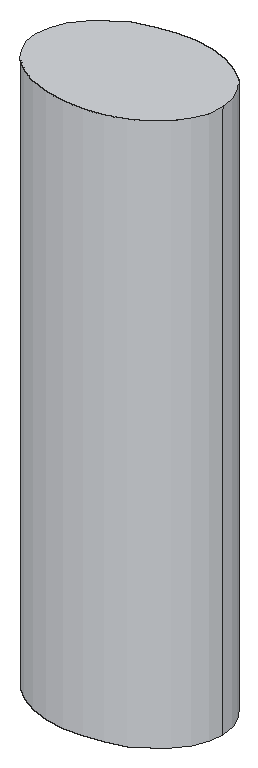
Revit family "圆形桥墩", category 常规模型, Revit 2022
Family settings
  可将钢筋附着到主体 = 否
  圆形连接件大小 = 使用直径
  零件类型 = 标准
  基于工作平面 = 否
  总是垂直 = 是
  加载时剪切的空心 = 否
  保持注释方向 = 否
  共享 = 否
  房间计算点 = 否
Parameters
  默认高程 = 0 mm
  高度 = 1200 mm
  长轴 = 400 mm
  短轴 = 300 mm
Reference planes
  plane 1 "中心(前/后)": y = 0
  plane 2: z = 0
  plane 3 "中心(左/右)": x = 0
Forms (mm)
  Extrusion 1, solid
    sketch origin (0, 0, 0) x (1, 0, 0) y (0, 1, 0)
      loop
        spline (-2587.503, 115.901) -> (-2580.689, 77.078) -> (-2560.709, 40.901) -> (-2528.925, 9.835) -> (-2487.503, -14.003) -> (-2439.267, -28.988) -> (-2387.503, -34.099) -> (-2335.74, -28.988) -> (-2287.503, -14.003) -> (-2246.082, 9.835) -> (-2214.298, 40.901) -> (-2194.318, 77.078) -> (-2187.503, 115.901)
        spline (-2187.503, 115.901) -> (-2194.318, 154.724) -> (-2214.298, 190.901) -> (-2246.082, 221.967) -> (-2287.503, 245.805) -> (-2335.74, 260.79) -> (-2387.503, 265.901) -> (-2439.267, 260.79) -> (-2487.503, 245.805) -> (-2528.925, 221.967) -> (-2560.709, 190.901) -> (-2580.689, 154.724) -> (-2587.503, 115.901)
    from 0 to 1200 <- "高度"
Dimensions and locks
  "长轴": Extrusion 1 sketch curve to Extrusion 1 sketch curve
  "短轴": Extrusion 1 sketch curve to Extrusion 1 sketch curve
  aligned and locked: level to plane 2
Automatic sketch dimensions
  Extrusion 1 sketch curve to plane 1 "中心(前/后)" = 115.901 mm
  Extrusion 1 sketch curve to plane 3 "中心(左/右)" = 2587.503 mm
